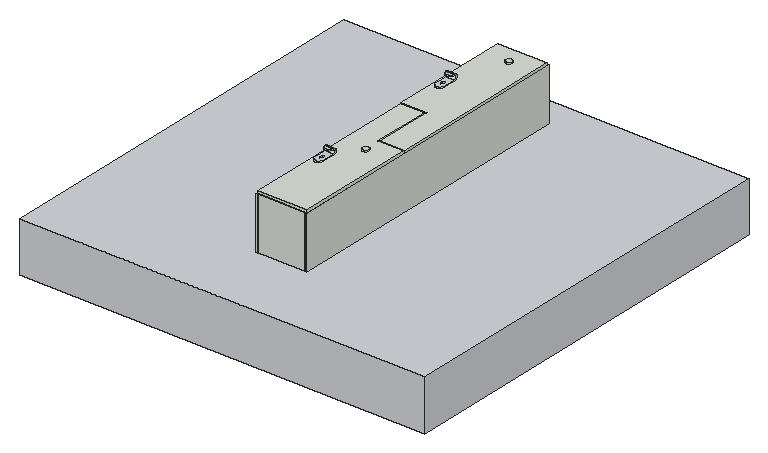
Revit family
Parameters (values of type "Z Tier Locker - 12.375"")
  Width = 12"
  Waste Connection = no
  WFU = 0
  Vent Connection = no
  URL = "www.spectrumlockers.com"
  Type Comments = ""
  Top/Bottom Panel Thickness = 1/2"
  Side Panel Thickness = 3/8"
  Shelf Thickness = 1/2"
  Price = "Prices may vary. Please consult Manufacturer Representative for most up-to-date price list."  # constant formula
  Phone Number = "416-250-5656"  # constant formula
  Omniclass Table 23 Title = "Lockers"  # constant formula
  Omniclass Table 23 Code = "23.40.20.11.17"  # constant formula
  Nominal Height = 29 1/8"
  Model = "Z Tier Locker - 12.375\""
  Material = Athlon-Spectrum-White-E0.00 CR
  Masterformat Title = "Phenolic Lockers"  # constant formula
  Masterformat Number = "10 51 29"  # constant formula
  Manufacturer = "Spectrum"
  Length = 12 3/8"
  Installation Type = "Wall Mounted"
  Height = 71 3/4"
  HWFU = 0
  HW Connection = no
  Description = "Z Tier Locker"
  Default Elevation = 0"
  Creation Date = "30/9/2014"  # constant formula
  Created By = "Allied Technical Services"  # constant formula
  CWFU = 0
  CW Connection = no
  Assembly Code = "E2020200"
  ATS URL = "http://www.atsspec.net"
Types (5): name | Model | Length
  (no name) | "Z Tier Locker - 12.375\"" | 12 3/8"
  Z Tier Locker - 12.375" | "Z Tier Locker - 12.375\"" | 12 3/8"
  Z Tier Locker - 15.375" | "Z Tier Locker - 15.375\"" | 15 3/8"
  Z Tier Locker - 20.375" | "Z Tier Locker - 20.375\"" | 20 3/8"
  Z Tier Locker - 24.375" | "Z Tier Locker - 24.375\"" | 24 3/8"
Reference planes (in)
  plane 1 "Center (Front/Back)": y = 0
  plane 2: z = 0
  plane 3 "Center (Left/Right)": x = 0
  plane 4: x = 5.625
  plane 5: x = 6
  plane 6: y = 71.75
  plane 7: y = 71.25
  plane 8: y = 0.5
  plane 9: x = -5.625
  plane 10: x = -6
  plane 11: z = 12.375
  plane 12: z = 12.875
  plane 13: z = 0.375
  plane 14: y = 28.75
  plane 15: y = 29.25
  plane 16: y = 29
  plane 17: y = 0.25
  plane 18: y = 71.5
  plane 19: y = 42.75
  plane 20: y = 42.5
  plane 21: y = 43
  plane 22: x = -0.25
  plane 23: x = 0.25
  plane 24: y = 43.75
  plane 25: y = 27.75
  plane 26: x = -0.25
  plane 27: x = 0.25
  plane 28: y = 35.875
  plane 29: y = 53.8125
  plane 30: y = 17.9375
  plane 31: y = 51.31236
  plane 32: y = 15.43736
  plane 33: x = -3.42497
  plane 34: x = -5.42497
  plane 35: y = 67.5
  plane 36: y = 25
  plane 37: z = 13
Forms (in)
  Extrusion 1, solid
    sketch origin (0, 0, 0) x (1, 0, 0) y (0, 1, 0)
      loop
        line (-48, 78.52725) -> (-48, -17.47275) -> (48, -17.47275) -> (48, 78.52725) -> (-48, 78.52725)
    from 0 to -12
  Extrusion 2, solid, material "Athlon-Spectrum-White-E0.00 CR" <- "Material"
    sketch origin (0, 0, 0) x (1, 0, 0) y (0, 0, 1)
      loop
        line (-5.625, 12.375) -> (-5.625, 0) -> (5.625, 0) -> (5.625, 12.375) -> (-5.625, 12.375)
    from -71.75 to -71.25
  Extrusion 3, solid, material "Athlon-Spectrum-White-E0.00 CR" <- "Material"
    sketch origin (0, -59.25, 0) x (1, 0, 0) y (0, 0, 1)
      loop
        line (-5.625, 12.375) -> (-5.625, 0) -> (5.625, 0) -> (5.625, 12.375) -> (-5.625, 12.375)
    from -59.75 to -59.25
  Extrusion 4, solid, material "Athlon-Spectrum-White-E0.00 CR" <- "Material"
    sketch origin (0, 0, 0) x (0, 1, 0) y (0, 0, 1)
      loop
        line (71.75, 12.375) -> (0, 12.375) -> (0, 0) -> (71.75, 0) -> (71.75, 12.375)
    from -6 to -5.625
  Extrusion 5, solid, material "Athlon-Spectrum-White-E0.00 CR" <- "Material"
    sketch origin (0, 0, 0) x (0, 1, 0) y (0, 0, -1)
      loop
        line (71.75, -12.375) -> (71.75, 0) -> (0, 0) -> (0, -12.375) -> (71.75, -12.375)
    from -6 to -5.625
  Extrusion 6, solid, material "Athlon-Spectrum-White-E0.00 CR" <- "Material"
    sketch origin (0, 0, 0) x (1, 0, 0) y (0, 0, 1)
      loop
        line (-5.625, 0.375) -> (-5.625, 0) -> (5.625, 0) -> (5.625, 0.375) -> (-5.625, 0.375)
    from -71.25 to -0.5
  Extrusion 7, solid, material "Athlon-Spectrum-White-E0.00 CR" <- "Material"
    sketch origin (0, 0, 0) x (1, 0, 0) y (0, 1, 0)
      loop
        line (-0.125, 28.875) -> (-0.125, 42.625) -> (-5.875, 42.625) -> (-5.875, 0.25) -> (5.875, 0.25) -> (5.875, 28.875) -> (-0.125, 28.875)
    from 12.375 to 12.875
  Extrusion 8, solid, material "Athlon-Spectrum-White-E0.00 CR" <- "Material"
    sketch origin (0, 23.75, 0) x (1, 0, 0) y (0, 0, 1)
      loop
        line (-5.625, 12.375) -> (-5.625, 0.375) -> (-0.25, 0.375) -> (-0.25, 12.375) -> (-5.625, 12.375)
    from -19.25 to -18.75
  Extrusion 9, solid, material "Athlon-Spectrum-White-E0.00 CR" <- "Material"
    sketch origin (0, 0, 0) x (1, 0, 0) y (0, 0, 1)
      loop
        line (0.25, 12.375) -> (0.25, 0.375) -> (5.625, 0.375) -> (5.625, 12.375) -> (0.25, 12.375)
    from -29.25 to -28.75
  Extrusion 10, solid, material "Athlon-Spectrum-White-E0.00 CR" <- "Material"
    sketch origin (0, 47.5, 0) x (1, 0, 0) y (0, 1, 0)
      loop
        line (-5.875, 24) -> (-5.875, -4.625) -> (0.125, -4.625) -> (0.125, -18.375) -> (5.875, -18.375) -> (5.875, 24) -> (-5.875, 24)
    from 12.375 to 12.875
  Extrusion 11, solid, material "Athlon-Spectrum-White-E0.00 CR" <- "Material"
    sketch origin (0, 0, 0) x (0, 1, 0) y (0, 0, 1)
      loop
        line (43.75, 12.375) -> (27.75, 12.375) -> (27.75, 0.375) -> (43.75, 0.375) -> (43.75, 12.375)
    from -0.25 to 0.25
  Extrusion 12, solid
    sketch origin (0, 25.80481, 56.86546) x (0, 1, 0) y (0, 0, 1)
      loop
        line (29.88255, -42.74046) -> (28.00742, -42.74046) -> (28.00742, -42.86546) -> (29.88255, -42.86546)
        arc (29.88255, -42.86546) -> (30.38255, -43.36546) -> (29.88255, -43.86546) r 0.5
        line (29.88255, -43.86546) -> (25.50755, -43.86546) -> (25.50755, -43.99046) -> (29.88255, -43.99046)
        arc (29.88255, -43.99046) -> (30.50755, -43.36546) -> (29.88255, -42.74046) r 0.625
      loop
        line (-5.99245, -42.74046) -> (-7.86758, -42.74046) -> (-7.86758, -42.86546) -> (-5.99245, -42.86546)
        arc (-5.99245, -42.86546) -> (-5.49245, -43.36546) -> (-5.99245, -43.86546) r 0.5
        line (-5.99245, -43.86546) -> (-10.36745, -43.86546) -> (-10.36745, -43.99046) -> (-5.99245, -43.99046)
        arc (-5.99245, -43.99046) -> (-5.36745, -43.36546) -> (-5.99245, -42.74046) r 0.625
    from -5.42497 to -3.42497
  Extrusion 13, void
    sketch origin (0, 37.44803, 73.46195) x (1, 0, 0) y (0, 1, 0)
      loop
        line (-5.42497, 18.18188) -> (-5.42497, 16.36447) -> (-3.42497, 16.36447) -> (-3.42497, 18.18188)
        arc (-3.42497, 18.18188) -> (-4.42497, 17.18188) -> (-5.42497, 18.18188) r 1
      loop
        line (-5.42497, -17.69312) -> (-5.42497, -19.51053) -> (-3.42497, -19.51053) -> (-3.42497, -17.69312)
        arc (-3.42497, -17.69312) -> (-4.42497, -18.69312) -> (-5.42497, -17.69312) r 1
    from -60.46195 to -59.33695
  Extrusion 14, void
    sketch origin (0, 36.47944, 60.46598) x (1, 0, 0) y (0, 1, 0)
      loop
        line (-5.42497, 16.0225) -> (-5.42497, 14.83306) -> (-3.42497, 14.83306) -> (-3.42497, 16.0225)
        arc (-3.42497, 16.0225) -> (-4.42497, 15.0225) -> (-5.42497, 16.0225) r 1
      loop
        arc (-4.17497, 17.0832) -> (-4.42497, 17.3332) -> (-4.67497, 17.0832) r 0.25
        line (-4.67497, 17.0832) -> (-4.67497, 16.60992)
        arc (-4.67497, 16.60992) -> (-4.42497, 16.35992) -> (-4.17497, 16.60992) r 0.25
        line (-4.17497, 16.60992) -> (-4.17497, 17.0832)
      loop
        line (-5.42497, -19.8525) -> (-5.42497, -21.04194) -> (-3.42497, -21.04194) -> (-3.42497, -19.8525)
        arc (-3.42497, -19.8525) -> (-4.42497, -20.8525) -> (-5.42497, -19.8525) r 1
      loop
        arc (-4.17497, -18.7918) -> (-4.42497, -18.5418) -> (-4.67497, -18.7918) r 0.25
        line (-4.67497, -18.7918) -> (-4.67497, -19.26508)
        arc (-4.67497, -19.26508) -> (-4.42497, -19.51508) -> (-4.17497, -19.26508) r 0.25
        line (-4.17497, -19.26508) -> (-4.17497, -18.7918)
    from -47.46598 to -47.59098
  Extrusion 15, solid
    sketch origin (0, 0, 0) x (1, 0, 0) y (0, 1, 0)
      loop
        circle (0, 67.5) r 0.75
      loop
        circle (0, 25) r 0.75
    from 12.875 to 13
Cuts and joins
  joined: Extrusion 8, Extrusion 9, Extrusion 11
  Extrusion 14 cuts Extrusion 7
  Extrusion 14 cuts Extrusion 10
  Extrusion 13, Extrusion 14 cuts Extrusion 12
Lines and regions (in)
  Masking region 1
    outline origin (0, 0, 0) x (1, 0, 0) y (0, 1, 0)
      loop
        line (-6, 71.75) -> (-6, 0) -> (6, 0) -> (6, 71.75) -> (-6, 71.75)
  Masking region 2
    outline origin (0, 0, 0) x (0, 1, 0) y (0, 0, 1)
      loop
        line (71.75, 0) -> (71.75, 12.375) -> (71.5, 12.375) -> (71.5, 12.875) -> (0.25, 12.875) -> (0.25, 12.375) -> (0, 12.375) -> (0, 0) -> (71.75, 0)
  Masking region 3
    outline origin (0, 0, 0) x (1, 0, 0) y (0, 0, 1)
      loop
        line (6, 12.375) -> (5.875, 12.375) -> (5.875, 12.875) -> (-5.875, 12.875) -> (-5.875, 12.375) -> (-6, 12.375) -> (-6, 0) -> (6, 0) -> (6, 12.375)
  symbolic lines, detail levels medium+fine
    curve 1: line (0, 71.5, 12.375) -> (0, 0.25, 12.375)
    curve 2: line (5.875, 0, 12.375) -> (-5.875, 0, 12.375)
    curve 3: line (5.625, 0, 12.375) -> (5.625, 0, 0)
    curve 4: line (-5.625, 0, 0) -> (-5.625, 0, 12.375)
    curve 5: line (-5.875, 42.625, 0) -> (-5.875, 0.25, 0)
    curve 6: line (-0.125, 42.625, 0) -> (-5.875, 42.625, 0)
    curve 7: line (-0.125, 28.875, 0) -> (-0.125, 42.625, 0)
    curve 8: line (5.875, 28.875, 0) -> (-0.125, 28.875, 0)
    curve 9: line (5.875, 0.25, 0) -> (5.875, 28.875, 0)
    curve 10: line (-5.875, 0.25, 0) -> (5.875, 0.25, 0)
    curve 11: line (0.125, 29.125, 0) -> (5.875, 29.125, 0)
    curve 12: line (0.125, 42.875, 0) -> (0.125, 29.125, 0)
    curve 13: line (5.875, 29.125, 0) -> (5.875, 71.5, 0)
    curve 14: line (-5.875, 42.875, 0) -> (0.125, 42.875, 0)
    curve 15: line (-5.875, 71.5, 0) -> (-5.875, 42.875, 0)
    curve 16: line (5.875, 71.5, 0) -> (-5.875, 71.5, 0)
    curve 17: line (0, 42.875, 12.875) -> (0, 42.875, 12.375)
    curve 18: line (0, 42.625, 12.375) -> (0, 42.625, 12.875)
    curve 19: circle (0, 67.5, 0) r 0.75 normal (0, 0, 1)
    curve 20: circle (0, 25, 0) r 0.75 normal (0, 0, 1)
Dimensions and locks (in)
  "Side Panel Thickness": plane 13 to Extrusion 1
  locked: plane 12 to plane 11 at 0.5
  "Top/Bottom Panel Thickness": plane 6 to plane 7
  "Top/Bottom Panel Thickness": plane 8 to plane 1 "Center (Front/Back)"
  locked: plane 14 to Extrusion 7 sketch curve at 0.125
  "Length": plane 11 to Extrusion 1
  "Shelf Thickness": plane 15 to plane 14
  "Side Panel Thickness": plane 10 to plane 9
  "Side Panel Thickness": plane 4 to plane 5
  "Width": plane 10 to plane 5
  equal spacing: plane 10, plane 3 "Center (Left/Right)", plane 5
  "Height": plane 6 to plane 1 "Center (Front/Back)"
  locked: plane 15 to plane 16 at 0.25
  locked: Extrusion 7 sketch curve to Extrusion 4 at 0.25
  locked: plane 8 to Extrusion 7 sketch curve at 0.25
  locked: Extrusion 5 to Extrusion 7 sketch curve at 0.25
  locked: plane 17 to plane 1 "Center (Front/Back)" at 0.25
  locked: plane 6 to plane 18 at 0.25
  plane 14 to plane 8 = 28 1/4"
  "Shelf Thickness": plane 21 to plane 20
  locked: plane 21 to plane 19 at 0.25
  Extrusion 10 sketch curve to Extrusion 4 = 1/4"
  Extrusion 5 to Extrusion 10 sketch curve = 1/4"
  locked: plane 21 to Extrusion 10 sketch curve at 0.125
  locked: plane 3 "Center (Left/Right)" to plane 22 at 0.25
  locked: plane 23 to plane 3 "Center (Left/Right)" at 0.25
  locked: plane 25 to plane 8 at 27.25
  locked: plane 18 to plane 24 at 27.75
  locked: plane 26 to plane 3 "Center (Left/Right)" at 0.25
  locked: plane 3 "Center (Left/Right)" to plane 27 at 0.25
  locked: Extrusion 11 to Extrusion 7 sketch curve at 0.125
  locked: Extrusion 7 sketch curve to plane 20 at 0.125
  locked: Extrusion 10 sketch curve to Extrusion 11 at 0.125
  locked: Extrusion 10 sketch curve to plane 15 at 0.125
  locked: plane 7 to plane 21 at 28.25
  equal spacing: plane 6, plane 29, plane 28, plane 30, plane 1 "Center (Front/Back)"
  locked: Extrusion 12 sketch curve to Extrusion 12 sketch curve at 0.125  (x2)
  locked: plane 29 to plane 31 at 2.50014
  locked: Extrusion 12 sketch curve to plane 29 at 2.37486
  locked: Extrusion 12 sketch curve to plane 12 at 1.25  (x2)
  locked: plane 30 to plane 32 at 2.50014
  locked: Extrusion 12 sketch curve to plane 30 at 2.37486
  locked: plane 29 to Extrusion 14 sketch curve at 2.5
  Extrusion 14 sketch curve to plane 30 = 2 1/2"
  locked: plane 10 to plane 33 at 2.57503
  locked: plane 34 to plane 33 at 2
  locked: plane 18 to plane 35 at 4
  locked: plane 16 to plane 36 at 4
  locked: plane 37 to plane 12 at 0.125
  aligned and locked: plane 2 to Extrusion 1
  aligned and locked: level to Extrusion 1
  aligned and locked: plane 6 to Extrusion 2
  aligned and locked: Extrusion 2 to plane 7
  aligned and locked: plane 8 to Extrusion 3
  aligned and locked: plane 1 "Center (Front/Back)" to Extrusion 3
  aligned and locked: Extrusion 4 to plane 10
  aligned and locked: plane 9 to Extrusion 4
  aligned and locked: Extrusion 5 to plane 4
  aligned and locked: Extrusion 5 to plane 5
  aligned and locked: plane 7 to Extrusion 6
  aligned and locked: Extrusion 6 to plane 8
  aligned and locked: plane 12 to Extrusion 7
  aligned and locked: Extrusion 7 to plane 11
  aligned and locked: plane 6 to Extrusion 4 sketch curve
  aligned and locked: plane 11 to Extrusion 4 sketch curve
  aligned and locked: Extrusion 4 sketch curve to level
  aligned and locked: plane 1 "Center (Front/Back)" to Extrusion 4 sketch curve
  aligned and locked: Extrusion 5 sketch curve to plane 6
  aligned and locked: Extrusion 5 sketch curve to plane 11
  aligned and locked: Extrusion 5 sketch curve to plane 1 "Center (Front/Back)"
  aligned and locked: level to Extrusion 5 sketch curve
  aligned and locked: plane 11 to Extrusion 3
  aligned and locked: plane 11 to Extrusion 2
  aligned and locked: plane 9 to Extrusion 3 sketch curve
  aligned and locked: level to Extrusion 3 sketch curve
  aligned and locked: plane 4 to Extrusion 3 sketch curve
  aligned and locked: plane 9 to Extrusion 2 sketch curve
  aligned and locked: level to Extrusion 2 sketch curve
  aligned and locked: plane 4 to Extrusion 2 sketch curve
  aligned and locked: Extrusion 2 sketch curve to plane 11
  aligned and locked: plane 10 to Masking region 1 sketch curve
  aligned and locked: Masking region 1 sketch curve to plane 6
  aligned and locked: Masking region 1 sketch curve to Extrusion 5  (x2)
  aligned and locked: plane 11 to Masking region 2 sketch curve  (x2)
  aligned and locked: plane 1 "Center (Front/Back)" to Masking region 2 sketch curve
  aligned and locked: Masking region 2 sketch curve to level
  aligned and locked: plane 6 to Masking region 2 sketch curve
  aligned and locked: plane 12 to Masking region 2 sketch curve
  aligned and locked: Masking region 2 sketch curve to Extrusion 7
  aligned and locked: plane 5 to Masking region 3 sketch curve
  aligned and locked: Masking region 3 sketch curve to Extrusion 4  (x2)
  aligned and locked: plane 11 to Masking region 3 sketch curve  (x2)
  aligned and locked: Masking region 3 sketch curve to Extrusion 7  (x2)
  aligned and locked: plane 12 to Masking region 3 sketch curve
  aligned and locked: curve 3 to Extrusion 5
  aligned and locked: Extrusion 8 to plane 20
  aligned and locked: plane 21 to Extrusion 8
  aligned and locked: Extrusion 8 to plane 9
  aligned: Extrusion 8 to plane 4
  aligned and locked: plane 15 to Extrusion 9
  aligned and locked: Extrusion 9 to plane 14
  aligned: Extrusion 9 to plane 9
  aligned and locked: Extrusion 9 to plane 4
  aligned and locked: Extrusion 10 sketch curve to plane 18
  aligned and locked: Masking region 2 to curve 1
  aligned and locked: Extrusion 10 to Masking region 2
  aligned and locked: Extrusion 4 to Extrusion 11 sketch curve
  aligned and locked: Extrusion 6 to Extrusion 11 sketch curve
  aligned and locked: Extrusion 8 sketch curve to plane 22
  aligned and locked: Extrusion 8 sketch curve to plane 11
  aligned and locked: plane 13 to Extrusion 8 sketch curve
  aligned and locked: plane 9 to Extrusion 8 sketch curve
  aligned and locked: Extrusion 9 sketch curve to plane 23
  aligned and locked: plane 13 to Extrusion 9 sketch curve
  aligned and locked: Extrusion 9 sketch curve to plane 11
  aligned and locked: plane 4 to Extrusion 9 sketch curve
  aligned and locked: Extrusion 11 to Extrusion 8
  aligned and locked: Extrusion 11 to Extrusion 9
  aligned and locked: Extrusion 11 to plane 25
  aligned and locked: plane 24 to Extrusion 11
  aligned and locked: plane 27 to Extrusion 11
  aligned and locked: plane 26 to Extrusion 11
  aligned and locked: curve 5 to Extrusion 7
  aligned and locked: curve 6 to Extrusion 7
  aligned and locked: curve 7 to Extrusion 7
  aligned and locked: curve 8 to Extrusion 7
  aligned and locked: curve 9 to Extrusion 7
  aligned and locked: curve 10 to Extrusion 7
  aligned and locked: curve 11 to Extrusion 10
  aligned and locked: curve 12 to Extrusion 10
  aligned and locked: curve 13 to Extrusion 10
  aligned and locked: curve 14 to Extrusion 10
  aligned and locked: curve 15 to Extrusion 10
  aligned and locked: curve 16 to Extrusion 10
  aligned and locked: curve 17 to Extrusion 10
  aligned and locked: curve 18 to Extrusion 7
  aligned and locked: Extrusion 10 to Extrusion 2
  aligned and locked: Extrusion 12 sketch curve to plane 31
  aligned and locked: Extrusion 14 sketch curve to Extrusion 14 sketch curve  (x2)
  aligned and locked: Extrusion 12 sketch curve to plane 32
  aligned and locked: plane 29 to Extrusion 13 sketch curve
  aligned and locked: Extrusion 13 sketch curve to plane 34  (x2)
  aligned and locked: Extrusion 13 sketch curve to plane 33  (x2)
  aligned and locked: Extrusion 13 sketch curve to plane 30
  aligned and locked: Extrusion 14 sketch curve to plane 34  (x2)
  aligned and locked: plane 33 to Extrusion 14 sketch curve  (x2)
  aligned: Extrusion 14 to plane 12
  aligned and locked: Extrusion 12 to plane 34
  aligned and locked: plane 33 to Extrusion 12
  aligned and locked: plane 35 to Extrusion 15 sketch curve
  aligned and locked: plane 3 "Center (Left/Right)" to Extrusion 15 sketch curve  (x2)
  aligned and locked: Extrusion 15 to plane 12
  aligned and locked: Extrusion 15 to cut or joined group of Extrusion 12, Extrusion 13, Extrusion 14
  aligned and locked: plane 36 to Extrusion 15 sketch curve
  aligned and locked: Extrusion 13 to plane 37
  aligned and locked: Extrusion 13 to cut or joined group of Extrusion 12, Extrusion 13, Extrusion 14
  aligned and locked: Extrusion 14 to plane 37
  aligned and locked: Extrusion 14 to plane 12
  aligned and locked: curve 19 to Extrusion 15
  aligned and locked: curve 20 to Extrusion 15
Automatic sketch dimensions
  curve 1 to plane 11 = 0"
  curve 1 to plane 17 = 0"
  curve 18 to plane 12 = 0"
  curve 17 to plane 12 = 0"
  curve 2 to plane 11 = 0"
  curve 4 to level = 0"
  curve 4 to plane 9 = 0"
  curve 3 to level = 0"
  plane 10 to curve 2 = 1/8"
  plane 5 to curve 2 = 1/8"
  Extrusion 1 sketch curve to Extrusion 1 sketch curve = 96"  (x2)
  Extrusion 3 sketch curve to plane 11 = 0"
  Extrusion 6 sketch curve to level = 0"
  Extrusion 6 sketch curve to plane 9 = 0"
  plane 4 to Extrusion 6 sketch curve = 0"
  Extrusion 6 sketch curve to plane 13 = 0"
  Masking region 2 sketch curve to plane 18 = 0"
  Extrusion 11 sketch curve to plane 25 = 0"
  Extrusion 11 sketch curve to plane 24 = 0"
  Extrusion 12 sketch curve to Extrusion 12 sketch curve = 0"  (x4)
  Extrusion 12 sketch curve to plane 12 = 0"  (x2)
  plane 30 to Extrusion 12 sketch curve = 0.00027"
  Extrusion 12 sketch curve to plane 29 = 0.00027"
  Extrusion 13 sketch curve to plane 34 = 0"  (x2)
  Extrusion 13 sketch curve to plane 33 = 0"  (x2)
  Extrusion 13 sketch curve to plane 30 = 1.81741"  (x2)
  Extrusion 13 sketch curve to Extrusion 13 sketch curve = 0"  (x3)
  plane 29 to Extrusion 13 sketch curve = 1.81741"
  Extrusion 14 sketch curve to plane 34 = 0"  (x2)
  Extrusion 14 sketch curve to plane 33 = 0"  (x2)
  Extrusion 14 sketch curve to Extrusion 14 sketch curve = 1/4"  (x3)
  plane 30 to Extrusion 14 sketch curve = 0.24986"
  plane 34 to Extrusion 14 sketch curve = 3/4"
  Extrusion 14 sketch curve to Extrusion 14 sketch curve = 1.18944"  (x3)
  Extrusion 14 sketch curve to Extrusion 14 sketch curve = 0"  (x3)
  Extrusion 14 sketch curve to Extrusion 14 sketch curve = 0.47328"
  Extrusion 14 sketch curve to Extrusion 14 sketch curve = 0.58742"
  Extrusion 14 sketch curve to plane 29 = 0.24986"
  radius of Extrusion 15 sketch curve = 3/4"  (x2)
